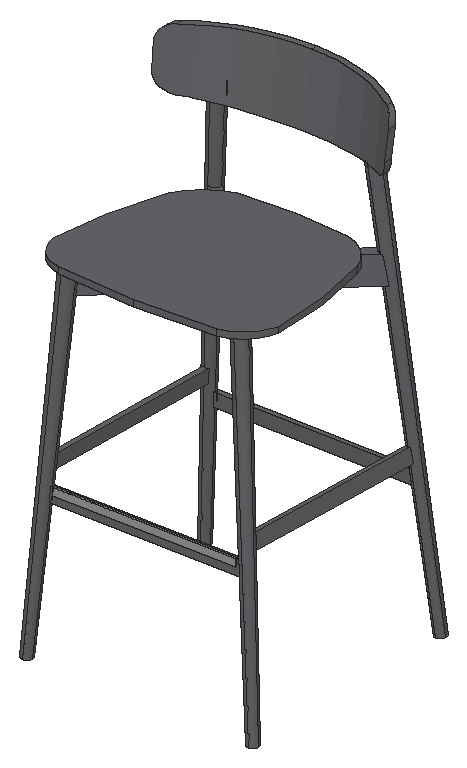
Revit family "FU_Stool_Sandler_Fly 3-2", category Furniture, Revit 2020
Family settings
  OmniClass Number = 23.40.20.00
  OmniClass Title = General Furniture and Specialties
  Work Plane-Based = No
  Always vertical = Yes
  Cut with Voids When Loaded = No
  Shared = No
  Room Calculation Point = No
Parameters (values of type "Fly 3.2")
  Width = 540 mm
  URL = "https://www.sandlerseating.com/product/fly-3-2/"
  Model = "Fly 3.2"
  Manufacturer = "Sandler"
  Height = 1080 mm
  Frame = Wood - Beech - Wenge - V
  Description = "Barstool with a solid beech back and seat on a solid beech frame, fitted with a stainless steel kick-plate on the front footrest."
  Depth = 535 mm
  Default Elevation = 0 mm
Reference planes
  plane 1 "Center (Front/Back)": y = 0
  plane 2: z = 0
  plane 3 "Center (Left/Right)": x = 0
  plane 4 "Right": x = -270
  plane 5 "Left": x = 270
  plane 6 "Back": y = 267.5
  plane 7 "Front": y = -267.5
  plane 8 "Height": z = 1080
  plane 9 "Seat height": z = 770
  plane 10 "FL Angle RIGHT": through (4267.2, -247.189, 3.106) normal (0, -0.9986, 0.0523)
  plane 11 "BL Angle RIGHT": through (4267.2, 253.813, 6.762) normal (0, -0.9968, -0.0796)
  plane 12 "RBL Anglr FRONT": through (-257.943, -1524, 6.867) normal (-0.996, 0, 0.0898)
  plane 13: through (188.37, -1524, 783.473) normal (0.9971, 0, 0.0759)
  plane 14 "cross Angle RIGHT": through (4267.2, -181.288, 717.026) normal (0, 0.0523, 0.9986)
Forms (mm)
  Sweep 1, solid, material "Wood - Beech - Wenge - V" <- "Frame"
    path origin (0, 0, 0) x (0, 1, 0) y (0, 0, 1)
      loop
        line (211.483, 893.134) -> (239.318, 1091.187)
    profile "Pro_Fly_back : Pro_Fly_back" origin (0, 225.4, 992.16) x (0, -0.990268, 0.139173) y (1, 0, 0)
      loop
        arc (114.642, 268.951) -> (-0.066, 0) -> (114.626, -268.958) r 372.681
        line (114.626, -268.958) -> (123.106, -260.478)
        arc (123.106, -260.478) -> (11.944, 0.039) -> (122.986, 260.608) r 361.047
        line (122.986, 260.608) -> (114.642, 268.951)
  Extrusion 2, void
    sketch origin (0, 0, 0) x (1, 0, 0) y (0, 0, 1)
      loop
        arc (0, 1075.598) -> (-115.054, 1076.734) -> (-230.061, 1080.196) r 5691.244
        arc (-230.061, 1080.196) -> (-248.857, 1073.596) -> (-258.008, 1055.902) r 26.995
        line (-258.008, 1055.902) -> (-255.802, 992.734)
        arc (-255.802, 992.734) -> (-246.214, 965.659) -> (-222.831, 948.98) r 47.759
        arc (-222.831, 948.98) -> (-112.201, 929.22) -> (0, 922.883) r 934.559
        arc (0, 922.883) -> (112.201, 929.22) -> (222.831, 948.98) r 934.559
        arc (222.831, 948.98) -> (246.214, 965.659) -> (255.802, 992.734) r 47.759
        line (255.802, 992.734) -> (258.008, 1055.902)
        arc (258.008, 1055.902) -> (248.857, 1073.596) -> (230.061, 1080.196) r 26.995
        arc (230.061, 1080.196) -> (115.054, 1076.734) -> (0, 1075.598) r 5691.244
      loop
        line (-290.391, 1143.375) -> (-290.391, 868.375) -> (294.609, 868.375) -> (294.609, 1143.375) -> (-290.391, 1143.375)
    from -267.5 to -69.622
  SweptBlend 3, solid, material "Wood - Beech - Wenge - V" <- "Frame"
    path origin (0, -246.675, 12.928) x (0, -0.052336, -0.99863) y (1, 0, 0)
      loop
        line (21.674, 248.655) -> (-776.014, 187.881)
    profile "Pro_Circles : 24mm" origin (248.655, -247.809, -8.717) x (-0.99711, -0.003976, -0.075863) y (0, -0.99863, 0.052336)
      loop
        arc (-11.967, 0.067) -> (-8.529, -8.434) -> (-0.067, -11.967) r 11.901
        arc (-0.067, -11.967) -> (8.482, -8.482) -> (11.967, 0.067) r 11.901
        arc (11.967, 0.067) -> (8.434, 8.529) -> (-0.067, 11.967) r 11.901
        arc (-0.067, 11.967) -> (-8.481, 8.481) -> (-11.967, 0.067) r 11.9
    end profile "Pro_Circles : 36mm" origin (187.881, -206.061, 787.878) x (-0.99711, -0.003976, -0.075863) y (0, -0.99863, 0.052336)
      loop
        arc (-17.967, 0.067) -> (-12.771, -12.677) -> (-0.066, -17.967) r 17.901
        arc (-0.066, -17.967) -> (12.725, -12.725) -> (17.967, 0.067) r 17.901
        arc (17.967, 0.067) -> (12.677, 12.771) -> (-0.067, 17.967) r 17.9
        arc (-0.067, 17.967) -> (-12.724, 12.724) -> (-17.967, 0.067) r 17.9
  SweptBlend 4, solid, material "Wood - Beech - Wenge - V" <- "Frame"
    path origin (0, 252.742, 20.172) x (0, 0.079561, -0.99683) y (1, 0, 0)
      loop
        line (29.008, -259.49) -> (-1016.727, -164.946)
    profile "Pro_Circles : 24mm" origin (-259.49, 255.05, -8.743) x (-0.995938, -0.007164, 0.089757) y (0, -0.99683, -0.079561)
      loop
        arc (-11.967, 0.067) -> (-8.529, -8.434) -> (-0.067, -11.967) r 11.901
        arc (-0.067, -11.967) -> (8.482, -8.482) -> (11.967, 0.067) r 11.901
        arc (11.967, 0.067) -> (8.434, 8.529) -> (-0.067, 11.967) r 11.901
        arc (-0.067, 11.967) -> (-8.481, 8.481) -> (-11.967, 0.067) r 11.9
    end profile "Pro_Circles : 36mm" origin (-164.946, 171.85, 1033.677) x (-0.995938, -0.007164, 0.089757) y (0, -0.99683, -0.079561)
      loop
        arc (-17.967, 0.067) -> (-12.771, -12.677) -> (-0.066, -17.967) r 17.901
        arc (-0.066, -17.967) -> (12.725, -12.725) -> (17.967, 0.067) r 17.901
        arc (17.967, 0.067) -> (12.677, 12.771) -> (-0.067, 17.967) r 17.9
        arc (-0.067, 17.967) -> (-12.724, 12.724) -> (-17.967, 0.067) r 17.9
  Sweep 5, void
    path origin (0, 0, 0) x (0, 1, 0) y (0, 0, 1)
      loop
        line (216.668, 929.556) -> (237.194, 1075.598)
    profile "Pro_Fly_back_void : Pro_Fly_back_void" origin (0, 226.931, 1002.577) x (0, -0.990267, 0.13918) y (1, 0, 0)
      loop
        line (60.774, -126.387) -> (32.441, -137.87)
        arc (32.441, -137.87) -> (46.411, -168.621) -> (63.108, -197.982) r 372.681
        line (63.108, -197.982) -> (92.912, -185.903)
        arc (92.912, -185.903) -> (78.429, -155.289) -> (60.774, -126.387) r 318.098
  SweptBlend 6, solid, material "Wood - Beech - Wenge - V" <- "Frame"
    path origin (0, -246.675, 12.928) x (0, -0.052336, -0.99863) y (-1, 0, 0)
      loop
        line (16.689, 248.275) -> (-776.014, 187.881)
    profile "Pro_Circles : 24mm" origin (-248.275, -247.548, -3.738) x (-0.99711, 0.003976, 0.075863) y (0, -0.99863, 0.052336)
      loop
        arc (11.967, 0.067) -> (8.481, 8.481) -> (0.067, 11.967) r 11.9
        arc (0.067, 11.967) -> (-8.434, 8.529) -> (-11.967, 0.067) r 11.901
        arc (-11.967, 0.067) -> (-8.482, -8.482) -> (0.067, -11.967) r 11.901
        arc (0.067, -11.967) -> (8.529, -8.434) -> (11.967, 0.067) r 11.901
    end profile "Pro_Circles : 36mm" origin (-187.881, -206.061, 787.878) x (-0.99711, 0.003976, 0.075863) y (0, -0.99863, 0.052336)
      loop
        arc (17.967, 0.067) -> (12.724, 12.724) -> (0.067, 17.967) r 17.9
        arc (0.067, 17.967) -> (-12.677, 12.771) -> (-17.967, 0.067) r 17.9
        arc (-17.967, 0.067) -> (-12.725, -12.725) -> (0.066, -17.967) r 17.901
        arc (0.066, -17.967) -> (12.771, -12.677) -> (17.967, 0.067) r 17.901
  SweptBlend 7, solid, material "Wood - Beech - Wenge - V" <- "Frame"
    path origin (0, 252.742, 20.172) x (0, 0.079561, -0.99683) y (-1, 0, 0)
      loop
        line (25.974, -259.216) -> (-1016.727, -164.946)
    profile "Pro_Circles : 24mm" origin (259.216, 254.809, -5.719) x (-0.995938, 0.007164, -0.089757) y (0, -0.99683, -0.079561)
      loop
        arc (11.967, 0.067) -> (8.481, 8.481) -> (0.067, 11.967) r 11.9
        arc (0.067, 11.967) -> (-8.434, 8.529) -> (-11.967, 0.067) r 11.901
        arc (-11.967, 0.067) -> (-8.482, -8.482) -> (0.067, -11.967) r 11.901
        arc (0.067, -11.967) -> (8.529, -8.434) -> (11.967, 0.067) r 11.901
    end profile "Pro_Circles : 36mm" origin (164.946, 171.85, 1033.677) x (-0.995938, 0.007164, -0.089757) y (0, -0.99683, -0.079561)
      loop
        arc (17.967, 0.067) -> (12.724, 12.724) -> (0.067, 17.967) r 17.9
        arc (0.067, 17.967) -> (-12.677, 12.771) -> (-17.967, 0.067) r 17.9
        arc (-17.967, 0.067) -> (-12.725, -12.725) -> (0.066, -17.967) r 17.901
        arc (0.066, -17.967) -> (12.771, -12.677) -> (17.967, 0.067) r 17.901
  Sweep 8, void
    path origin (0, 0, 0) x (0, 1, 0) y (0, 0, -1)
      loop
        line (216.689, -929.705) -> (237.226, -1075.821)
    profile "Pro_Fly_back_void : Pro_Fly_back_void" origin (0, 226.957, 1002.763) x (0, 0.990267, -0.13918) y (-1, 0, 0)
      loop
        arc (-60.774, -126.387) -> (-78.429, -155.289) -> (-92.912, -185.903) r 318.098
        line (-92.912, -185.903) -> (-63.108, -197.982)
        arc (-63.108, -197.982) -> (-46.411, -168.621) -> (-32.441, -137.87) r 372.681
        line (-32.441, -137.87) -> (-60.774, -126.387)
  Extrusion 9, solid, material "Wood - Beech - Wenge - V" <- "Frame"
    sketch origin (0, 0, 0) x (0, 1, 0) y (0, 0, 1)
      loop
        line (-267.5, 796.269) -> (-267.5, 783.229) -> (182.377, 759.652) -> (183.058, 772.656) -> (-267.5, 796.269)
    from -250 to 249.991
  Extrusion 10, void
    sketch origin (0, 0, 770) x (-1, 0, 0) y (0, -1, 0)
      loop
        arc (0, -178.748) -> (60.575, -176.673) -> (120.849, -170.298) r 852.253
        arc (120.849, -170.298) -> (173.465, -141.124) -> (206.238, -90.671) r 124.4
        arc (206.238, -90.671) -> (237.157, 40.73) -> (246.922, 175.366) r 851.531
        arc (246.922, 175.366) -> (223.067, 226.234) -> (173.988, 253.578) r 91.518
        arc (173.988, 253.578) -> (87.193, 262.298) -> (0, 264.916) r 1244.223
        arc (0, 264.916) -> (-87.193, 262.298) -> (-173.988, 253.578) r 1244.223
        arc (-173.988, 253.578) -> (-223.067, 226.234) -> (-246.922, 175.366) r 91.518
        arc (-246.922, 175.366) -> (-237.157, 40.73) -> (-206.238, -90.671) r 851.531
        arc (-206.238, -90.671) -> (-173.465, -141.124) -> (-120.849, -170.298) r 124.4
        arc (-120.849, -170.298) -> (-60.575, -176.673) -> (0, -178.748) r 852.253
      loop
        line (270, -204.479) -> (270, 280.303) -> (-270, 280.303) -> (-270, -204.479) -> (270, -204.479)
    from -20.025 to 37.068
  Extrusion 11, solid, material "Wood - Beech - Wenge - V" <- "Frame"
    sketch origin (0, 36.978, 705.587) x (0, -0.99863, 0.052336) y (1, 0, 0)
      loop
        line (-148.348, -202.724) -> (45.533, -15.495) -> (239.755, -203.053) -> (257.433, -185.375) -> (61.025, 0) -> (257.433, 185.375) -> (239.755, 203.053) -> (45.533, 15.495) -> (-148.348, 202.724) -> (-167.547, 183.525) -> (29.488, 0) -> (-167.547, -183.525) -> (-148.348, -202.724)
    from 0 to 61.601
  Extrusion 12, solid, material "Wood - Beech - Wenge - V" <- "Frame"
    sketch origin (0, 0, 0) x (0, 1, 0) y (0, 0, 1)
      loop
        line (-234.387, 343.413) -> (-236.032, 312.027) -> (-226.12, 311.507) -> (-224.476, 342.893) -> (-234.387, 343.413)
    from -222 to 222
  Extrusion 13, solid, material "Wood - Beech - Wenge - V" <- "Frame"
    sketch origin (0, 499.524, 14.094) x (0, 0.991908, 0.126955) y (0, -0.126955, 0.991908)
      loop
        line (-234.387, 343.413) -> (-236.032, 312.027) -> (-226.12, 311.507) -> (-224.476, 342.893) -> (-234.387, 343.413)
    from -222 to 222
  Extrusion 14, solid, material "Wood - Beech - Wenge - V" <- "Frame"
    sketch origin (47.084, 0, -23.555) x (0, 1, 0) y (-0.118313, 0, 0.992976)
      loop
        line (-229.696, 394.438) -> (-230.992, 361.961) -> (229.83, 343.558) -> (231.127, 376.034) -> (-229.696, 394.438)
    from 216 to 226
  Extrusion 15, solid, material "Wood - Beech - Wenge - V" <- "Frame"
    sketch origin (-47.084, 0, -23.555) x (0, 1, 0) y (-0.118313, 0, -0.992976)
      loop
        line (-229.696, -394.438) -> (231.127, -376.034) -> (229.83, -343.558) -> (-230.992, -361.961) -> (-229.696, -394.438)
    from 216 to 226
  Extrusion 16, void
    sketch origin (0, 0, 0) x (1, 0, 0) y (0, 1, 0)
      loop
        line (-270, -267.5) -> (-222, -267.5) -> (-222, -224.476) -> (-270, -224.476) -> (-270, -267.5)
    from 0 to -20
  Extrusion 17, void
    sketch origin (0, 0, 0) x (-1, 0, 0) y (0, -1, 0)
      loop
        line (-270, 267.5) -> (-270, 224.476) -> (-222, 224.476) -> (-222, 267.5) -> (-270, 267.5)
    from 0 to -20
  Extrusion 18, void
    sketch origin (0, 0, 0) x (1, 0, 0) y (0, 1, 0)
      loop
        line (-279.763, 276.51) -> (-279.763, 231.51) -> (-234.763, 231.51) -> (-234.763, 276.51) -> (-279.763, 276.51)
    from 0 to -20
  Extrusion 19, void
    sketch origin (0, 0, 0) x (-1, 0, 0) y (0, -1, 0)
      loop
        line (-279.763, -276.51) -> (-234.763, -276.51) -> (-234.763, -231.51) -> (-279.763, -231.51) -> (-279.763, -276.51)
    from 0 to -20
  Extrusion 20, solid, material "Stainless Steel AISI 304"
    sketch origin (0, 0, 0) x (0, 1, 0) y (0, 0, 1)
      loop
        line (-234.7, 343.725) -> (-235.537, 327.747) -> (-234.491, 327.747) -> (-233.706, 342.727) -> (-229.797, 342.522) -> (-229.797, 343.468) -> (-234.7, 343.725)
    from -200 to 200
Cuts and joins
  Extrusion 2 cuts Sweep 1
  Sweep 5, Extrusion 18 cuts SweptBlend 4
  Sweep 8, Extrusion 19 cuts SweptBlend 7
  Extrusion 10 cuts Extrusion 9
  Extrusion 16, Extrusion 17 cuts SweptBlend 6
  Extrusion 17 cuts SweptBlend 3
Dimensions and locks
  equal spacing: plane 4 "Right", plane 3 "Center (Left/Right)", plane 5 "Left"
  "Width": plane 4 "Right" to plane 5 "Left"
  equal spacing: plane 6 "Back", plane 1 "Center (Front/Back)", plane 7 "Front"
  "Depth": plane 6 "Back" to plane 7 "Front"
  "Height": plane 8 "Height" to level
  plane 9 "Seat height" to level = 770 mm
  aligned and locked: level to plane 2
Automatic sketch dimensions
  Sweep 1 sketch curve to plane 6 "Back" = 56.017 mm
  plane 9 "Seat height" to Sweep 1 sketch curve = 123.134 mm
  plane 8 "Height" to Sweep 1 sketch curve = 11.187 mm
  Sweep 1 sketch curve to plane 6 "Back" = 28.182 mm
  Extrusion 2 sketch curve to plane 3 "Center (Left/Right)" = 0 mm  (x2)
  Extrusion 2 sketch curve to plane 3 "Center (Left/Right)" = 1.33 mm
  Extrusion 2 sketch curve to plane 3 "Center (Left/Right)" = 3.495 mm
  Extrusion 2 sketch curve to plane 4 "Right" = 61.927 mm
  Extrusion 2 sketch curve to plane 4 "Right" = 38.854 mm
  Extrusion 2 sketch curve to plane 4 "Right" = 14.198 mm
  Extrusion 2 sketch curve to plane 4 "Right" = 11.992 mm
  plane 4 "Right" to Extrusion 2 sketch curve = 20.391 mm
  plane 3 "Center (Left/Right)" to Extrusion 2 sketch curve = 1.33 mm
  plane 3 "Center (Left/Right)" to Extrusion 2 sketch curve = 3.495 mm
  plane 5 "Left" to Extrusion 2 sketch curve = 61.927 mm
  plane 5 "Left" to Extrusion 2 sketch curve = 38.854 mm
  plane 5 "Left" to Extrusion 2 sketch curve = 14.198 mm
  plane 5 "Left" to Extrusion 2 sketch curve = 11.992 mm
  Extrusion 2 sketch curve to plane 5 "Left" = 24.609 mm
  plane 9 "Seat height" to Extrusion 2 sketch curve = 98.375 mm
  Extrusion 2 sketch curve to plane 8 "Height" = 87.266 mm  (x2)
  Extrusion 2 sketch curve to Extrusion 2 sketch curve = 1.667 mm  (x2)
  Extrusion 2 sketch curve to plane 8 "Height" = 26.777 mm  (x2)
  Extrusion 2 sketch curve to plane 8 "Height" = 24.098 mm  (x2)
  plane 8 "Height" to Extrusion 2 sketch curve = 63.375 mm
  Extrusion 2 sketch curve to Extrusion 2 sketch curve = 714.061 mm
  Extrusion 2 sketch curve to Extrusion 2 sketch curve = 0 mm  (x3)
  Extrusion 2 sketch curve to Extrusion 2 sketch curve = 4909.406 mm
  Extrusion 2 sketch curve to plane 4 "Right" = 47.169 mm
  plane 14 "cross Angle RIGHT" to SweptBlend 3 sketch curve = 69.458 mm
  plane 5 "Left" to SweptBlend 3 sketch curve = 82.119 mm
  plane 5 "Left" to SweptBlend 3 sketch curve = 21.345 mm
  SweptBlend 3 sketch curve to plane 14 "cross Angle RIGHT" = 728.23 mm
  SweptBlend 4 sketch curve to plane 4 "Right" = 105.054 mm
  SweptBlend 4 sketch curve to plane 4 "Right" = 10.51 mm
  SweptBlend 4 sketch curve to SweptBlend 4 sketch curve = 1045.735 mm
  Sweep 5 sketch curve to plane 6 "Back" = 50.832 mm
  Sweep 5 sketch curve to plane 8 "Height" = 150.444 mm
  Sweep 5 sketch curve to plane 8 "Height" = 4.402 mm
  Sweep 5 sketch curve to plane 6 "Back" = 30.306 mm
  SweptBlend 6 sketch curve to plane 14 "cross Angle RIGHT" = 69.458 mm
  plane 4 "Right" to SweptBlend 6 sketch curve = 82.119 mm
  plane 4 "Right" to SweptBlend 6 sketch curve = 21.725 mm
  plane 14 "cross Angle RIGHT" to SweptBlend 6 sketch curve = 723.244 mm
  SweptBlend 7 sketch curve to plane 5 "Left" = 105.054 mm
  SweptBlend 7 sketch curve to plane 5 "Left" = 10.784 mm
  SweptBlend 7 sketch curve to SweptBlend 7 sketch curve = 1042.701 mm
  Sweep 8 sketch curve to plane 6 "Back" = 50.811 mm
  Sweep 8 sketch curve to plane 8 "Height" = 4.179 mm
  Sweep 8 sketch curve to plane 6 "Back" = 30.274 mm
  Sweep 8 sketch curve to Sweep 8 sketch curve = 146.116 mm
  Extrusion 9 sketch curve to plane 7 "Front" = 0 mm
  Extrusion 9 sketch curve to plane 9 "Seat height" = 10.348 mm
  Extrusion 9 sketch curve to plane 6 "Back" = 85.123 mm
  plane 9 "Seat height" to Extrusion 9 sketch curve = 2.656 mm
  Extrusion 9 sketch curve to Extrusion 9 sketch curve = 0.681 mm
  Extrusion 10 sketch curve to plane 5 "Left" = 0 mm
  Extrusion 10 sketch curve to plane 3 "Center (Left/Right)" = 0 mm  (x2)
  Extrusion 10 sketch curve to plane 4 "Right" = 0 mm
  plane 7 "Front" to Extrusion 10 sketch curve = 98.046 mm  (x2)
  Extrusion 10 sketch curve to plane 5 "Left" = 334.589 mm
  plane 5 "Left" to Extrusion 10 sketch curve = 113.865 mm
  Extrusion 10 sketch curve to plane 1 "Center (Front/Back)" = 50.144 mm  (x2)
  plane 3 "Center (Left/Right)" to Extrusion 10 sketch curve = 88.624 mm
  plane 3 "Center (Left/Right)" to Extrusion 10 sketch curve = 6.286 mm
  plane 3 "Center (Left/Right)" to Extrusion 10 sketch curve = 1.125 mm
  Extrusion 10 sketch curve to plane 3 "Center (Left/Right)" = 1.125 mm
  Extrusion 10 sketch curve to plane 3 "Center (Left/Right)" = 6.286 mm
  Extrusion 10 sketch curve to plane 3 "Center (Left/Right)" = 88.624 mm
  Extrusion 10 sketch curve to plane 4 "Right" = 113.865 mm
  plane 4 "Right" to Extrusion 10 sketch curve = 334.589 mm
  Extrusion 10 sketch curve to plane 6 "Back" = 63.021 mm
  plane 6 "Back" to Extrusion 10 sketch curve = 711.791 mm
  Extrusion 10 sketch curve to Extrusion 10 sketch curve = 0 mm  (x2)
  plane 7 "Front" to Extrusion 10 sketch curve = 103.681 mm
  plane 1 "Center (Front/Back)" to Extrusion 10 sketch curve = 163.819 mm
  Extrusion 10 sketch curve to plane 7 "Front" = 12.803 mm
  Extrusion 10 sketch curve to plane 7 "Front" = 406.003 mm
  plane 5 "Left" to Extrusion 10 sketch curve = 23.078 mm
  plane 5 "Left" to Extrusion 10 sketch curve = 63.762 mm
  plane 7 "Front" to Extrusion 10 sketch curve = 13.922 mm  (x2)
  Extrusion 10 sketch curve to Extrusion 10 sketch curve = 17.853 mm
  Extrusion 10 sketch curve to plane 6 "Back" = 97.202 mm  (x2)
  Extrusion 10 sketch curve to plane 4 "Right" = 63.762 mm
  Extrusion 11 sketch curve to plane 3 "Center (Left/Right)" = 0 mm  (x2)
  plane 5 "Left" to Extrusion 11 sketch curve = 86.475 mm
  Extrusion 11 sketch curve to plane 10 "FL Angle RIGHT" = 414.56 mm
  Extrusion 11 sketch curve to plane 4 "Right" = 86.475 mm
  Extrusion 11 sketch curve to Extrusion 11 sketch curve = 0 mm
  Extrusion 11 sketch curve to plane 4 "Right" = 67.276 mm
  Extrusion 11 sketch curve to Extrusion 11 sketch curve = 19.199 mm  (x2)
  plane 5 "Left" to Extrusion 11 sketch curve = 67.276 mm
  Extrusion 11 sketch curve to plane 10 "FL Angle RIGHT" = 217.525 mm
  Extrusion 11 sketch curve to plane 3 "Center (Left/Right)" = 15.495 mm
  Extrusion 11 sketch curve to Extrusion 11 sketch curve = 16.046 mm  (x2)
  plane 3 "Center (Left/Right)" to Extrusion 11 sketch curve = 15.495 mm
  Extrusion 11 sketch curve to Extrusion 11 sketch curve = 15.491 mm
  Extrusion 11 sketch curve to plane 10 "FL Angle RIGHT" = 7.258 mm  (x2)
  plane 10 "FL Angle RIGHT" to Extrusion 11 sketch curve = 10.42 mm  (x2)
  Extrusion 11 sketch curve to plane 4 "Right" = 66.947 mm
  Extrusion 11 sketch curve to Extrusion 11 sketch curve = 17.678 mm  (x2)
  plane 5 "Left" to Extrusion 11 sketch curve = 84.625 mm
  plane 7 "Front" to Extrusion 12 sketch curve = 31.468 mm
  Extrusion 12 sketch curve to Extrusion 12 sketch curve = 1.645 mm
  Extrusion 12 sketch curve to Extrusion 12 sketch curve = 9.912 mm
  level to Extrusion 12 sketch curve = 311.507 mm
  Extrusion 12 sketch curve to Extrusion 12 sketch curve = 0.519 mm
  plane 11 "BL Angle RIGHT" to Extrusion 13 sketch curve = 5.112 mm
  Extrusion 13 sketch curve to plane 6 "Back" = 41.712 mm
  Extrusion 13 sketch curve to Extrusion 13 sketch curve = 1.645 mm
  Extrusion 13 sketch curve to Extrusion 13 sketch curve = 9.912 mm
  Extrusion 13 sketch curve to Extrusion 13 sketch curve = 0.519 mm
  plane 7 "Front" to Extrusion 14 sketch curve = 36.508 mm
  Extrusion 14 sketch curve to Extrusion 14 sketch curve = 1.297 mm
  Extrusion 14 sketch curve to plane 6 "Back" = 37.67 mm
  Extrusion 14 sketch curve to Extrusion 14 sketch curve = 18.403 mm
  plane 7 "Front" to Extrusion 15 sketch curve = 36.508 mm
  Extrusion 15 sketch curve to Extrusion 15 sketch curve = 1.297 mm
  Extrusion 15 sketch curve to plane 6 "Back" = 37.67 mm
  Extrusion 15 sketch curve to Extrusion 15 sketch curve = 18.403 mm
  Extrusion 16 sketch curve to plane 4 "Right" = 0 mm
  Extrusion 16 sketch curve to plane 7 "Front" = 0 mm
  Extrusion 16 sketch curve to plane 4 "Right" = 48 mm
  plane 7 "Front" to Extrusion 16 sketch curve = 43.024 mm
  Extrusion 17 sketch curve to plane 5 "Left" = 0 mm
  Extrusion 17 sketch curve to plane 7 "Front" = 0 mm
  Extrusion 17 sketch curve to plane 5 "Left" = 48 mm
  Extrusion 17 sketch curve to Extrusion 17 sketch curve = 43.024 mm
  plane 4 "Right" to Extrusion 18 sketch curve = 9.763 mm
  Extrusion 18 sketch curve to plane 4 "Right" = 35.237 mm
  Extrusion 18 sketch curve to plane 6 "Back" = 35.99 mm
  plane 6 "Back" to Extrusion 18 sketch curve = 9.01 mm
  plane 5 "Left" to Extrusion 19 sketch curve = 9.763 mm
  Extrusion 19 sketch curve to plane 5 "Left" = 35.237 mm
  plane 6 "Back" to Extrusion 19 sketch curve = 35.99 mm
  Extrusion 19 sketch curve to plane 6 "Back" = 9.01 mm
  plane 7 "Front" to Extrusion 20 sketch curve = 31.963 mm
  Extrusion 20 sketch curve to Extrusion 20 sketch curve = 0.837 mm
  Extrusion 20 sketch curve to Extrusion 20 sketch curve = 1.047 mm
  Extrusion 20 sketch curve to Extrusion 20 sketch curve = 0.994 mm
  level to Extrusion 20 sketch curve = 327.747 mm
  Extrusion 20 sketch curve to Extrusion 20 sketch curve = 14.979 mm
  Extrusion 20 sketch curve to Extrusion 20 sketch curve = 0.999 mm
  Extrusion 20 sketch curve to Extrusion 20 sketch curve = 3.909 mm
